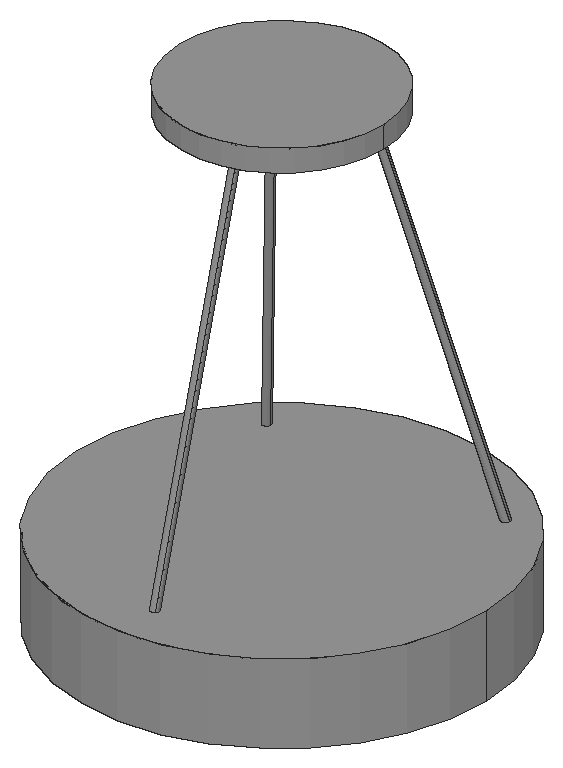
Revit family "METEOR_PM_40W_4000K_3200LM", category Lighting Fixtures, host Ceiling, Revit 2021
Family settings
  Host = Ceiling
  Round Connector Dimension = Use Diameter
  Part Type = Normal
  OmniClass Number = 23.80.70.11
  OmniClass Title = Luminaries for Internal Lighting
  Always vertical = Yes
  Cut with Voids When Loaded = No
  Light Source = Yes
  Shared = No
  Room Calculation Point = No
Parameters (values of type "Type 1")
  Wattage = 21.5427 W
  built-in parameter 1150110 = 1 (stored number, unit not read)
  Type de lampe = "LED Hongli"
  Type = "Plafonnier"
  built-in parameter 1114217 = 1 (stored number, unit not read)
  Tilt Angle = 90.00°
  built-in parameter 1150109 = 1 (stored number, unit not read)
  built-in parameter 1150134 = 12
  built-in parameter 1150113 = 1 (stored number, unit not read)
  Puissance nominale = "40W"
  Photometric Web File = "google_eulumdat_converter (23).ies"
  Matériau = "Corps en métal"
  Lumens = 3200 lm
  built-in parameter 1150115 = 1 (stored number, unit not read)
  built-in parameter 1150105 = 254.65 (stored number, unit not read)
  built-in parameter 1150137 = (empty or 0)
  built-in parameter 1150139 = (empty or 0)
  built-in parameter 1150112 = 1 (stored number, unit not read)
  built-in parameter 1150114 = 1 (stored number, unit not read)
  built-in parameter 1150132 = 2
  built-in parameter 1150102 = (empty or 0)
  built-in parameter 1150138 = (empty or 0)
  built-in parameter 1150107 = 4000 (stored number, unit not read)
  built-in parameter 1150106 = 2.5465 (stored number, unit not read)
  IRC = ">80"
  Fintion = "Blanc"
  built-in parameter 1150104 = 13.8 (stored number, unit not read)
  Driver = "Lifud No Flicker"
  Dimming Lamp Color Temperature Shift = <None>
  Dimensions = "Ø500 mm, H : 98 mm"
  Diffuseur = "Acrylique"
  Default Elevation = 0 mm
  Color Filter = 16777215
  built-in parameter 1114218 = 1 (stored number, unit not read)
  built-in parameter 1150133 = 10 (stored number, unit not read)
  Angle d'éclairage = "120°"
  Alimentation luminaire = "1050mA / 25-42V dc"
  Alimentation Driver = "AC 220-240V"
Reference planes
  plane 1 "Light Source Axis (F/B)": y = 0
  plane 2: z = 0
  plane 3 "Light Source Axis (L/R)": x = 0
  plane 4 "Ceiling": z = 4000
  plane 5 "Light Source Elevation": z = 3411.095
Forms (mm)
  Extrusion 1, solid, material "Metal, Paint Finish, White, Matte"
    sketch origin (0, 0, 4000) x (0, 1, 0) y (-1, 0, 0)
      loop
        circle (0, 0) r 125
    from 0 to -27
  Extrusion 2, solid, material "Metal, Paint Finish, White, Matte"
    sketch origin (0, 0, 4000) x (0, 1, 0) y (-1, 0, 0)
      loop
        circle (0, 0) r 250
    from -587 to -489
  Extrusion 3, void
    sketch origin (0, 0, 4000) x (0, 1, 0) y (-1, 0, 0)
      loop
        circle (0, 0) r 240
    from -678.449 to -509.32
  Extrusion 4, solid, material "Glass, White, High Luminance"
    sketch origin (0, 0, 4000) x (0, 1, 0) y (-1, 0, 0)
      loop
        circle (0, 0) r 240
    from -587 to -582.901
  Blend 5, solid, material "Metal, Paint Finish, White, Matte"
    base sketch origin (-2.103, -0.495, 4000) x (0, 1, 0) y (-1, 0, 0)
      loop
        circle (155.393, 140.306) r 5
    top sketch origin (-2.103, -0.495, 4000) x (0, 1, 0) y (-1, 0, 0)
      loop
        circle (55.742, 54.078) r 5
    from -489 to -27
  Blend 6, solid, material "Metal, Paint Finish, White, Matte"
    base sketch origin (12.712, -5.011, 4000) x (0, -1, 0) y (1, 0, 0)
      loop
        circle (-155.393, 140.306) r 5
    top sketch origin (12.712, -5.011, 4000) x (0, -1, 0) y (1, 0, 0)
      loop
        circle (-55.742, 54.078) r 5
    from -489 to -27
  Blend 7, solid, material "Metal, Paint Finish, White, Matte"
    base sketch origin (-5.947, 13.738, 4000) x (-0.645234, -0.763985, 0) y (0.763985, -0.645234, 0)
      loop
        circle (155.393, 140.306) r 5
    top sketch origin (-5.947, 13.738, 4000) x (-0.645234, -0.763985, 0) y (0.763985, -0.645234, 0)
      loop
        circle (55.742, 54.078) r 5
    from -489 to -27
Cuts and joins
  Extrusion 3 cuts Extrusion 2
Lines and regions (mm)
  reference lines
    curve 1: line (0, 0, 4000) -> (0, 0, 3973)
    curve 2: line (0, 0, 3973) -> (-40, 0, 3973)
    curve 3: line (0, 0, 3413) -> (0, 0, 3511)
Dimensions and locks
  equal spacing: host sketch curve, plane 3 "Light Source Axis (L/R)", host sketch curve
  equal spacing: host sketch curve, plane 1 "Light Source Axis (F/B)", host sketch curve
  host sketch curve to host sketch curve = 4000 mm  (x2)
  plane 4 "Ceiling" to host ceiling = 0 mm
  aligned and locked: plane 5 "Light Source Elevation" to imposter light
